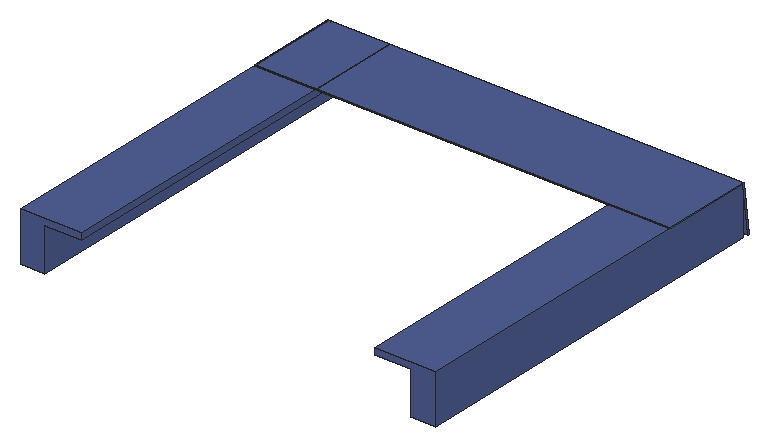
Revit family "SM772", category Generic Models, Revit 2023
Family settings
  Can host rebar = No
  Round Connector Dimension = Use Diameter
  Part Type = Normal
  OmniClass Number = 23.50.70.00
  OmniClass Title = Loading Dock Equipment
  Work Plane-Based = Yes
  Always vertical = No
  Cut with Voids When Loaded = No
  Maintain Annotation Orientation = No
  Shared = No
  Room Calculation Point = No
Parameters
  offset [instance] = 0' - 10 3/4"
  Warranty Duration (Years) = 0
  Vertical Strip [instance] = no
  Unit Width [instance] = 11' - 4"
  Unit Height [instance] = 10' - 6"
  Unit Depth_Base [instance] = 1' - 4"
  Unit Depth = 1' - 4"
  URL = ""
  Strip Length [instance] = if(Full Height Strip, Clear Height, 2' 0")  # 2' - 0"
  Specification = ""
  SpecWizard = ""
  Send Message = ""
  Sales Information = "http://www.OVERHEADDOOR.COM"
  Revision = "R1_07-2011"
  Protective Flap Type [instance] = Seal Flaps : None
  Product Properties = ""
  Product Data = "http://www.OVERHEADDOOR.COM"
  Pad Width = 0' - 8"
  Pad Face Width_Vertical [instance] = (Unit Width - Clear Width) / 2  # 1' - 8"
  Drop [instance] = Unit Height - Clear Height  # 2' - 6"
  Model = ""
  Material = Plastic - Vinyl - Blue
  Manufacturer Website = "http://www.OVERHEADDOOR.COM"
  Manufacturer Phone - Toll Free = "1-800-929-3667"
  Manufacturer Phone = ""
  Manufacturer Fax = ""
  Manufacturer Address = ""
  Manufacturer = ""
  Maintenance Schedule (Months) = 0
  Keynote = ""
  Installation-Fabrication = ""
  Installation Phase = ""
  Green Building-LEED = ""
  Galvanized Steel Canopy [instance] = no
  Full Height Strip [instance] = no
  Expected Lifespan (Years) = 0
  Drawn By = ""
  Description = ""
  Default Elevation = 4' - 0"
  Copyright = ""
  Construction Details = "http://www.OVERHEADDOOR.COM"
  Clear Width [instance] = 8' - 0"
  Clear Height [instance] = 8' - 0"
  Assembly Code = ""
Reference planes (in)
  plane 1 "Center (Front/Back)": y = 0
  plane 2 "Bottom": z = 0
  plane 3 "Center (Left/Right)": x = 0
  plane 4 "Front": y = -63
  plane 5 "Back": y = 63
  plane 6 "Left": x = -68
  plane 7 "Right": x = 68
  plane 8 "Top": z = 16
  plane 9: x = -48
  plane 10: x = 48
  plane 11: y = 33
  plane 12: z = 16
  plane 13: y = -63
  plane 14: x = -58
  plane 15: x = 58
  plane 16: y = -15
  plane 17: x = -60
  plane 18: x = 60
Forms (in)
  Blend 1, solid, material "Plastic - Vinyl - Blue" <- "Material"
    base sketch origin (0, -63, 22.94543) x (0, 0, 1) y (-1, 0, 0)
      loop
        line (-6.94543, 60) -> (-6.94543, 68) -> (-22.94543, 68) -> (-22.94543, 60) -> (-6.94543, 60)
    top sketch origin (0, -63, 22.94543) x (0, 0, 1) y (-1, 0, 0)
      loop
        line (-6.94543, 60) -> (-6.94543, 68) -> (-22.94543, 68) -> (-22.94543, 60) -> (-6.94543, 60)
    from 0 to -126
  Blend 2, solid, material "Plastic - Vinyl - Blue" <- "Material"
    base sketch origin (0, -63, 22.94543) x (0, 0, 1) y (-1, 0, 0)
      loop
        line (-8.94543, -68) -> (-6.94543, -68) -> (-6.94543, -48) -> (-8.94543, -48) -> (-8.94543, -68)
    top sketch origin (0, -63, 22.94543) x (0, 0, 1) y (-1, 0, 0)
      loop
        line (-8.94543, -68) -> (-6.94543, -68) -> (-6.94543, -48) -> (-8.94543, -48) -> (-8.94543, -68)
    from 0 to -126
  Sweep 3, solid, material "Plastic - Vinyl - Super Seal - Yellow", visible <- "Vertical Strip"
    path origin (-58, 53.619, 48) x (0, 1, 0) y (0, 0, 1)
      loop
        line (-92.619, -32) -> (-116.619, -32)
    profile origin (-58, -51, 16) x (0, 0, -1) y (1, 0, 0)
      loop
        line (0, -2) -> (0, 2) -> (-0.0625, 2) -> (-0.0625, -2) -> (0, -2)
  Sweep 4, solid, material "Plastic - Vinyl - Super Seal - Yellow", visible <- "Vertical Strip"
    path origin (58, 53.619, 48) x (0, 1, 0) y (0, 0, 1)
      loop
        line (-92.619, -32) -> (-116.619, -32)
    profile origin (58, -51, 16) x (0, 0, -1) y (1, 0, 0)
      loop
        line (0, -2) -> (0, 2) -> (-0.06267, 2) -> (-0.06267, -2) -> (0, -2)
  Extrusion 5, solid, material "Metal - Steel - Super Seal - Galvanized", visible <- "Galvanized Steel Canopy"
    sketch origin (-68, 16.34522, 48) x (0, 1, 0) y (0, 0, 1)
      loop
        line (46.65478, -32) -> (46.65478, -48) -> (48.91525, -48) -> (46.86525, -31.75) -> (45.65478, -31.75) -> (45.65478, -32) -> (46.65478, -32)
    from 0 to 136
  Extrusion 6, solid, material "Plastic - Vinyl - Blue" <- "Material"
    sketch origin (-68, 16.34522, 48) x (0, 1, 0) y (0, 0, 1)
      loop
        line (46.76277, -31.86384) -> (16.65478, -31.86384) -> (16.65478, -48) -> (48.78777, -48) -> (46.76277, -31.86384)
    from 0 to -0.125
  Sweep 7, solid, material "Plastic - Vinyl - Blue" <- "Material"
    path in 3D
      loop
        line (-68.125, 33, 16.13616) -> (-68.125, 63.10799, 16.13616) -> (-68.125, 65.13299, 0)
    profile origin (-68.125, 48.05399, 16.13616) x (0, 0, -1) y (-1, 0, 0)
      loop
        line (0, 0) -> (0, -136.125) -> (0.125, -136.125) -> (0.125, 0) -> (0, 0)
  Blend 8, solid, material "Plastic - Vinyl - Blue" <- "Material"
    base sketch origin (0, -63, 22.94543) x (0, 0, 1) y (-1, 0, 0)
      loop
        line (-6.94543, 48) -> (-6.94543, 68) -> (-8.94543, 68) -> (-8.94543, 48) -> (-6.94543, 48)
    top sketch origin (0, -63, 22.94543) x (0, 0, 1) y (-1, 0, 0)
      loop
        line (-6.94543, 48) -> (-6.94543, 68) -> (-8.94543, 68) -> (-8.94543, 48) -> (-6.94543, 48)
    from 0 to -126
  Blend 9, solid, material "Plastic - Vinyl - Blue" <- "Material"
    base sketch origin (0, -63, 22.94543) x (0, 0, 1) y (-1, 0, 0)
      loop
        line (-22.94543, -68) -> (-6.94543, -68) -> (-6.94543, -60) -> (-22.94543, -60) -> (-22.94543, -68)
    top sketch origin (0, -63, 22.94543) x (0, 0, 1) y (-1, 0, 0)
      loop
        line (-22.94543, -68) -> (-6.94543, -68) -> (-6.94543, -60) -> (-22.94543, -60) -> (-22.94543, -68)
    from 0 to -126
Cuts and joins
  joined: Extrusion 6, Sweep 7
  joined: Blend 1, Blend 8
  joined: Blend 2, Blend 9
Lines and regions (in)
  reference lines
    curve 1: line (-58, 63, 16) -> (-58, -63, 16)
    curve 4: line (-58, 33, 16) -> (-74.25, 33, 16)
  sketch lines
    curve 2: line (-68.125, 33, 16.13616) -> (-68.125, 63.10799, 16.13616)
    curve 3: line (-68.125, 63.10799, 16.13616) -> (-68.125, 65.13299, 0)
Dimensions and locks (in)
  equal spacing: plane 6 "Left", plane 3 "Center (Left/Right)", plane 7 "Right"
  "Unit Width": plane 6 "Left" to plane 7 "Right"
  equal spacing: plane 5 "Back", plane 1 "Center (Front/Back)", plane 4 "Front"
  "Unit Height": plane 5 "Back" to plane 4 "Front"
  "Unit Depth": plane 8 "Top" to level
  equal spacing: plane 9, plane 3 "Center (Left/Right)", plane 10
  "Clear Width": plane 9 to plane 10
  "Clear Height": plane 11 to plane 4 "Front"
  "Unit Depth_Base": plane 12 to level
  locked: plane 4 "Front" to plane 13
  equal spacing: plane 10, plane 15, plane 7 "Right"
  equal spacing: plane 6 "Left", plane 14, plane 9
  "Strip Length": Sweep 3 sketch curve to Sweep 3 sketch curve
  equal spacing: plane 11, plane 16, plane 13
  "Strip Length": Sweep 4 sketch curve to Sweep 4 sketch curve
  locked: curve 1 to Extrusion 6 sketch curve at 0.13616
  "Drop": curve 1 to curve 4
  "Pad Width": plane 18 to plane 7 "Right"
  "Pad Width": plane 6 "Left" to plane 17
  locked: plane 12 to Blend 2 sketch curve at 2
  locked: plane 12 to Blend 8 sketch curve at 2
  curve 1 to Sweep 3 sketch curve = 0' - 0"
  locked: curve 1 to Sweep 4 sketch curve at 0
  aligned and locked: curve 1 to Sweep 3 sketch curve
  aligned and locked: curve 1 to Sweep 4 sketch curve
  aligned and locked: nested 2 to plane 15
  aligned and locked: nested 1 to plane 14
  aligned and locked: plane 5 "Back" to Blend 1
  aligned and locked: plane 5 "Back" to Blend 2
  aligned and locked: plane 7 "Right" to Extrusion 5
  aligned and locked: Sweep 7 sketch curve to plane 7 "Right"
Automatic sketch dimensions
  Sweep 3 sketch curve to profile plane = 0' - 0"
  Sweep 3 sketch curve to Sweep 3 sketch curve = 0' - 0 1/16"
  Sweep 3 sketch curve to plane 14 = 0' - 2"
  plane 14 to Sweep 3 sketch curve = 0' - 2"
  Sweep 4 sketch curve to profile plane = 0' - 0"
  Sweep 4 sketch curve to Sweep 4 sketch curve = 0' - 0.06267"
  Sweep 4 sketch curve to plane 15 = 0' - 2"
  plane 15 to Sweep 4 sketch curve = 0' - 2"
  curve 1 to plane 12 = 0' - 0"
  curve 1 to plane 13 = 0' - 0"
  curve 1 to plane 5 "Back" = 0' - 0"
  curve 1 to plane 8 "Top" = 0' - 0"
  Extrusion 6 sketch curve to level = 0' - 0"
  Extrusion 6 sketch curve to plane 11 = 0' - 0"
  plane 5 "Back" to Extrusion 6 sketch curve = 0' - 0.10799"
  plane 5 "Back" to Extrusion 6 sketch curve = 0' - 2.13299"
  Sweep 7 sketch curve to profile plane = 0' - 0"  (x2)
  Sweep 7 sketch curve to Sweep 7 sketch curve = 0' - 0 1/8"
  Extrusion 5 sketch curve to plane 8 "Top" = 0' - 0"
  Extrusion 5 sketch curve to level = 0' - 0"
  Extrusion 5 sketch curve to plane 5 "Back" = 0' - 0"
  plane 8 "Top" to Extrusion 5 sketch curve = 0' - 0 1/4"
  Extrusion 5 sketch curve to plane 5 "Back" = 0' - 1"
  plane 5 "Back" to Extrusion 5 sketch curve = 0' - 0.21047"
  plane 5 "Back" to Extrusion 5 sketch curve = 0' - 2.26047"
  Blend 1 sketch curve to plane 6 "Left" = 0' - 0"  (x2)
  Blend 1 sketch curve to level = 0' - 0"  (x2)
  Blend 2 sketch curve to plane 10 = 0' - 0"  (x2)
  Blend 2 sketch curve to plane 7 "Right" = 0' - 0"  (x2)
  Blend 2 sketch curve to plane 12 = 0' - 0"
  Blend 2 sketch curve to plane 8 "Top" = 0' - 0"
  Blend 2 sketch curve to plane 8 "Top" = 0' - 2"
  Blend 8 sketch curve to plane 9 = 0' - 0"  (x2)
  Blend 8 sketch curve to plane 12 = 0' - 0"
  Blend 8 sketch curve to plane 6 "Left" = 0' - 0"  (x2)
  Blend 8 sketch curve to plane 8 "Top" = 0' - 0"
  Blend 8 sketch curve to Blend 8 sketch curve = 0' - 2"
  Blend 1 sketch curve to plane 12 = 0' - 0"
  Blend 1 sketch curve to plane 17 = 0' - 0"  (x2)
  Blend 1 sketch curve to plane 8 "Top" = 0' - 0"
  Blend 9 sketch curve to level = 0' - 0"  (x2)
  Blend 9 sketch curve to plane 7 "Right" = 0' - 0"  (x2)
  Blend 9 sketch curve to plane 12 = 0' - 0"
  Blend 9 sketch curve to plane 8 "Top" = 0' - 0"
  Blend 9 sketch curve to plane 18 = 0' - 0"  (x2)
  curve 4 to curve 1 = 0' - 0"
  curve 1 to curve 4 = 1' - 4 1/4"
Nested families (in)
  nested 1: "Seal Flaps" at (-58, -15, 16), Material <- "Material", Unit Width <- "Pad Face Width_Vertical", Unit Height <- "Clear Height", type <- "Protective Flap Type", Striped <- "Vertical Strip", type "None"
    with offset 0' - 0", Unit Width 1' - 8", Unit Height 8' - 0", Striped no, Stripe Material Plastic - Vinyl - Super Seal - Yellow, Material Plastic - Vinyl - Blue, Flaps 6
  nested 2: "Seal Flaps" at (58, -15, 16), Material <- "Material", Unit Width <- "Pad Face Width_Vertical", Unit Height <- "Clear Height", type <- "Protective Flap Type", Striped <- "Vertical Strip", type "None"
    with offset 0' - 0", Unit Width 1' - 8", Unit Height 8' - 0", Striped no, Stripe Material Plastic - Vinyl - Super Seal - Yellow, Material Plastic - Vinyl - Blue, Flaps 6
Definition of nested family "Seal Flaps"
  Parameters
    offset [instance] = 0' - 0"
    Warranty Duration (Years) = 0
    Unit Width [instance] = 1' - 0"
    Unit Height [instance] = 6' - 0"
    Unit Depth = 0' - 4"
    URL = "http://www.supersealmfg.com/"
    Striped [instance] = yes
    Stripe Material [instance] = none
    Specification = ""
    SpecWizard = ""
    Send Message = "http://www.arcat.com/users.pl?action=UserEmail&company=Super-Seal%20Mfg.%20Ltd&coid=44693&rep=119&fax=905-850-4440 &mf="
    Sales Information = "http://www.supersealmfg.com/ContactUs.htm"
    Revision = "R1_07-2011"
    Product Properties = ""
    Product Data = "http://arcat.com/arcatcos/cos44/arc44693.html?isac=1&r=1"
    Model = "As Specified"
    Material [instance] = none
    Manufacturer Website = "http://www.supersealmfg.com/"
    Manufacturer Phone - Toll Free = "800-337-3239 "
    Manufacturer Phone = "800-337-3239 "
    Manufacturer Fax = "905-850-4440 "
    Manufacturer Address = "670 Rowntree Dairy Rd. Woodbridge , ON, Canada L4L-5T8"
    Manufacturer = "Super-Seal Mfg. Ltd"
    Maintenance Schedule (Months) = 0
    Keynote = ""
    Installation-Fabrication = ""
    Installation Phase = ""
    Green Building-LEED = ""
    Flaps Visible = no
    Flaps [instance] = (Unit Height - 0' 1") / Exposure  # 4
    Exposure = 1' - 4"
    Expected Lifespan (Years) = 0
    Drawn By = "Sumex Design, Inc. / Robert S. Weygant, CSI, CDT, SCIP"
    Description = "Super Seal"
    Default Elevation = 4' - 0"
    Copyright = "©Arcat Inc."
    Construction Details = "http://arcat.com/details/supersea/supersea.html?coid=44693"
    Assembly Code = ""
  Reference planes (in)
    plane 1 "Center (Front/Back)": y = 0
    plane 2 "Bottom": z = 0
    plane 3 "Center (Left/Right)": x = 0
    plane 4 "Front": y = -36
    plane 5 "Back": y = 36
    plane 6 "Left": x = -6
    plane 7 "Right": x = 6
    plane 8 "Top": z = 4
  Dimensions and locks (in)
    equal spacing: plane 6 "Left", plane 3 "Center (Left/Right)", plane 7 "Right"
    "Unit Width": plane 6 "Left" to plane 7 "Right"
    equal spacing: plane 5 "Back", plane 1 "Center (Front/Back)", plane 4 "Front"
    "Unit Height": plane 5 "Back" to plane 4 "Front"
    "Unit Depth": plane 8 "Top" to level
    equal spacing: group 1, group 2, group 3, group 4  (x2)
    equal spacing: group 4, group 3, group 2, group 1
    "Exposure": plane 5 "Back" to nested 2
    aligned and locked: plane 5 "Back" to nested 1
    aligned and locked: plane 3 "Center (Left/Right)" to nested 1
    aligned and locked: plane 3 "Center (Left/Right)" to nested 2
  Nested families (in)
    nested 1: "Seal Flap" at (0, 27, 0), Unit Width <- "Unit Width", Unit Height <- "Exposure", Material <- "Material", visible <- "Flaps Visible", Stripe <- "Striped", Stripe Material <- "Stripe Material", type "Seal Flap"
      with offset 0' - 0", Unit Width 1' - 0", Unit Height 1' - 4", Unit Depth 0' - 0 1/4", Stripe Material none, Stripe yes, Material none
    nested 2: "Seal Flap" at (0, 11, 0), Unit Width <- "Unit Width", Unit Height <- "Exposure", Material <- "Material", visible <- "Flaps Visible", Stripe <- "Striped", Stripe Material <- "Stripe Material", type "Seal Flap"
      with offset 0' - 0", Unit Width 1' - 0", Unit Height 1' - 4", Unit Depth 0' - 0 1/4", Stripe Material none, Stripe yes, Material none
    nested 3: "Seal Flap" at (0, -5, 0), Unit Width <- "Unit Width", Unit Height <- "Exposure", Material <- "Material", visible <- "Flaps Visible", Stripe <- "Striped", Stripe Material <- "Stripe Material", type "Seal Flap"
      with offset 0' - 0", Unit Width 1' - 0", Unit Height 1' - 4", Unit Depth 0' - 0 1/4", Stripe Material none, Stripe yes, Material none
    nested 4: "Seal Flap" at (0, -21, 0), Unit Width <- "Unit Width", Unit Height <- "Exposure", Material <- "Material", visible <- "Flaps Visible", Stripe <- "Striped", Stripe Material <- "Stripe Material", type "Seal Flap"
      with offset 0' - 0", Unit Width 1' - 0", Unit Height 1' - 4", Unit Depth 0' - 0 1/4", Stripe Material none, Stripe yes, Material none
  Definition of nested family "Seal Flap"
    Parameters
      offset [instance] = 0' - 0"
      Warranty Duration (Years) = 0
      Unit Width [instance] = 1' - 0"
      Unit Height [instance] = 0' - 4"
      Unit Depth [instance] = 0' - 0 1/4"  # constant formula
      URL = "http://www.supersealmfg.com/"
      Stripe Material [instance] = none
      Stripe [instance] = yes
      Specification = ""
      SpecWizard = ""
      Send Message = "http://www.arcat.com/users.pl?action=UserEmail&company=Super-Seal%20Mfg.%20Ltd&coid=44693&rep=119&fax=905-850-4440 &mf="
      Sales Information = "http://www.supersealmfg.com/ContactUs.htm"
      Revision = "R1_07-2011"
      Product Properties = ""
      Product Data = "http://arcat.com/arcatcos/cos44/arc44693.html?isac=1&r=1"
      Model = "As Specified"
      Material [instance] = none
      Manufacturer Website = "http://www.supersealmfg.com/"
      Manufacturer Phone - Toll Free = "800-337-3239 "
      Manufacturer Phone = "800-337-3239 "
      Manufacturer Fax = "905-850-4440 "
      Manufacturer Address = "670 Rowntree Dairy Rd. Woodbridge , ON, Canada L4L-5T8"
      Manufacturer = "Super-Seal Mfg. Ltd"
      Maintenance Schedule (Months) = 0
      Keynote = ""
      Installation-Fabrication = ""
      Installation Phase = ""
      Green Building-LEED = ""
      Expected Lifespan (Years) = 0
      Drawn By = "Sumex Design, Inc. / Robert S. Weygant, CSI, CDT, SCIP"
      Description = "Super Seal"
      Default Elevation = 0' - 0"
      Copyright = "©Arcat Inc."
      Construction Details = "http://arcat.com/details/supersea/supersea.html?coid=44693"
      Assembly Code = ""
    Reference planes (in)
      plane 1 "Center (Front/Back)": y = 0
      plane 2 "Bottom": z = 0
      plane 3 "Center (Left/Right)": x = 0
      plane 4 "Front": y = -2
      plane 5 "Back": y = 2
      plane 6 "Left": x = -6
      plane 7 "Right": x = 6
      plane 8 "Top": z = 0.25
    Forms (in)
      Sweep 1, solid, material <- "Material"
        path origin (0, 0, 0) x (0, 1, 0) y (0, 0, 1)
          loop
            line (-2, 0.25) -> (2, 0) -> (3, 0)
        profile origin (0, 0, 0.125) x (0, 0.062378, 0.998053) y (1, 0, 0)
          loop
            line (0, -6) -> (0.125, -6) -> (0.125, 6) -> (0, 6) -> (0, -6)
      Sweep 2, solid, material <- "Stripe Material", visible <- "Stripe"
        path origin (0, 0, 0) x (0, 1, 0) y (0, 0, 1)
          loop
            line (-2, 0.25) -> (2, 0) -> (3, 0)
        profile origin (0, 0, 0.125) x (0, 0.062378, 0.998053) y (1, 0, 0)
          loop
            line (0.1875, -2) -> (0.1875, 2) -> (0.125, 2) -> (0.125, -2) -> (0.1875, -2)
    Dimensions and locks (in)
      equal spacing: plane 6 "Left", plane 3 "Center (Left/Right)", plane 7 "Right"
      "Unit Width": plane 6 "Left" to plane 7 "Right"
      equal spacing: plane 5 "Back", plane 1 "Center (Front/Back)", plane 4 "Front"
      "Unit Height": plane 5 "Back" to plane 4 "Front"
      "Unit Depth": plane 8 "Top" to level
      aligned and locked: plane 7 "Right" to Sweep 1 sketch curve
      aligned and locked: Sweep 1 sketch curve to plane 6 "Left"
    Automatic sketch dimensions
      Sweep 1 sketch curve to plane 4 "Front" = 0' - 0"
      Sweep 1 sketch curve to level = 0' - 0"
      Sweep 1 sketch curve to plane 5 "Back" = 0' - 0"
      Sweep 1 sketch curve to plane 8 "Top" = 0' - 0"
      plane 5 "Back" to Sweep 1 sketch curve = 0' - 1"
      Sweep 1 sketch curve to profile plane = 0' - 0"
      Sweep 1 sketch curve to profile plane = 0' - 0 1/8"
      Sweep 2 sketch curve to plane 4 "Front" = 0' - 0"
      Sweep 2 sketch curve to level = 0' - 0"
      Sweep 2 sketch curve to plane 5 "Back" = 0' - 0"
      Sweep 2 sketch curve to plane 8 "Top" = 0' - 0"
      Sweep 2 sketch curve to Sweep 2 sketch curve = 0' - 1"
      Sweep 2 sketch curve to profile plane = 0' - 0 1/8"
      Sweep 2 sketch curve to Sweep 2 sketch curve = 0' - 0 1/16"
      Sweep 2 sketch curve to plane 3 "Center (Left/Right)" = 0' - 2"
      plane 3 "Center (Left/Right)" to Sweep 2 sketch curve = 0' - 2"
